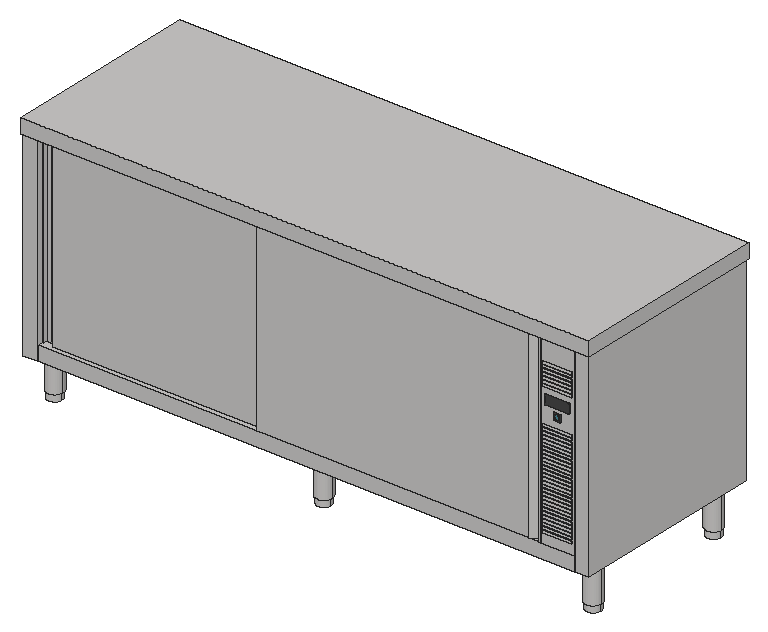
Revit family "QF_ELECTROLUXPROFESSIONAL_132800_MTCD2000PN", category Attrezzature speciali, Revit 2020
Family settings
  Quota connettore circolare = Usa diametro
  Tipo di parte = Normale
  Basato su piano di lavoro = No
  Sempre verticale = Sì
  Taglio con vuoti quando caricato = No
  Condiviso = No
  Punto di calcolo locali = No
Parameters (values of type "Standard")
  Weight = 75.00 kg
  Watts = 2400 W
  Volts = 220 V
  URL Manufacturer = "https://www.electroluxprofessional.com/"
  URL = "https://www.electroluxprofessional.com/"
  Steam Supply Size = 0 mm
  Steam Supply Minimum Pressure = 0.0 Pa
  Steam Supply Maximum Pressure = 0.0 Pa
  Steam Consumption per Hour = 0
  Refrigeration Suction Line Size = 0.0 mm
  Refrigeration Liquid Line Size = 0.0 mm
  Refrigerant Compressor Remote = yes
  Prospetto di default = 0.0 mm
  Produttore = "Electrolux Professional"
  Phase = 1
  Modello = "MTCD2000PN"
  Length Actual = 2000.0 mm  # constant formula
  Item Number = "132800"
  Hot Water Size = 0 mm
  Height Actual = 900.0 mm  # constant formula
  HP = "3.2 HP"
  Gas Size = 0 mm
  Gas KW = 0
  Gas Input Pressure = 0 W
  Direct Waste Size = 0 mm
  Descrizione = "HOT PASST.CUPB.VENT+SHELF+SLIDING D.2000"
  Depth Actual = 700.0 mm  # constant formula
  Cycle = 50 Hz
  Condensate Return Size = 0 mm
  Compressed Air Volume = 0.0 L/s
  Compressed Air Size = 0 mm
  Compressed Air Pressure = 0.0 Pa
  Cold Water Size = 0 mm
  Accessory = yes
Reference planes
  plane 1 "Center (Front/Back)": y = 0
  plane 2: z = 0
  plane 3 "Center (Left/Right)": x = -500
  plane 4 "LEFT": x = -1500
  plane 5 "RIGHT": x = 500
  plane 6 "BACK": y = 350
  plane 7 "FRONT": y = -350
  plane 8 "Base": z = 850
  plane 9 "TOP": z = 900
  plane 10: x = -1446.5
  plane 11: x = 446.5
  plane 12: y = 264.5
  plane 13: y = -264.5
  plane 14 "BodyLeft": x = -1494.5
  plane 15 "BodyFront": y = -344.5
  plane 16 "BodyRight": x = 494.5
  plane 17 "BodyBack": y = 344.5
  plane 18 "FEET": z = 150
  plane 19: x = 324.5
  plane 20: x = -561
  plane 21: x = 444.5
  plane 22: x = 400
  plane 23: y = -170
Forms (mm)
  Extrusion 1, solid, material "QF_Finishes_Stainless Steel"
    sketch origin (-500, 0, 0) x (0, 1, 0) y (0, 0, 1)
      loop
        line (-350, 850) -> (350, 850) -> (350, 900) -> (-350, 900) -> (-350, 850)
    from 1000 to -1000
  Extrusion 2, solid, material "QF_Finishes_Stainless Steel"
    sketch origin (0, 0, 150) x (-1, 0, 0) y (0, -1, 0)
      loop
        line (1494.5, -344.5) -> (1494.5, 344.5) -> (1444.5, 344.5) -> (1444.5, -344.5) -> (1494.5, -344.5)
      loop
        line (-444.5, -344.5) -> (-444.5, 344.5) -> (-494.5, 344.5) -> (-494.5, -344.5) -> (-444.5, -344.5)
    from 0 to 700
  Extrusion 3, solid, material "QF_Finishes_Stainless Steel"
    sketch origin (0, 0, 150) x (-1, 0, 0) y (0, -1, 0)
      loop
        line (1444.5, -344.5) -> (1444.5, 344.5) -> (-444.5, 344.5) -> (-444.5, -344.5) -> (1444.5, -344.5)
    from 0 to 50
  Extrusion 4, solid, material "QF_Finishes_Stainless Steel"
    sketch origin (-1, 0, 150) x (-1, 0, 0) y (0, -1, 0)
      loop
        line (-325.5, 344.5) -> (-325.5, 324.5) -> (670.5, 324.5) -> (670.5, 344.5) -> (-285.5, 344.5) -> (-305.5, 329.5) -> (-320.5, 329.5) -> (-320.5, 344.5) -> (-325.5, 344.5)
    from 50 to 700
  Extrusion 5, solid, material "QF_Finishes_Stainless Steel"
    sketch origin (1, 20, 150) x (1, 0, 0) y (0, 1, 0)
      loop
        line (-1445.5, -344.5) -> (-1440.5, -344.5) -> (-1440.5, -329.5) -> (-1425.5, -329.5) -> (-1405.5, -344.5) -> (-451.5, -344.5) -> (-451.5, -324.5) -> (-1445.5, -324.5) -> (-1445.5, -344.5)
    from 50 to 700
  Extrusion 6, solid, material "QF_Finishes_Stainless Steel"
    sketch origin (0, 0, 0) x (1, 0, 0) y (0, 1, 0)
      loop
        line (-1444.5, -304.5) -> (324.5, -304.5) -> (324.5, 304.5) -> (-1444.5, 304.5) -> (-1444.5, -304.5)
    from 500 to 540
  Extrusion 7, solid, material "QF_Finishes_Stainless Steel"
    sketch origin (-1, 0, 150) x (-1, 0, 0) y (0, -1, 0)
      loop
        line (-325.5, -344.5) -> (-320.5, -344.5) -> (-320.5, -329.5) -> (-305.5, -329.5) -> (-285.5, -344.5) -> (670.5, -344.5) -> (670.5, -324.5) -> (-325.5, -324.5) -> (-325.5, -344.5)
    from 50 to 700
  Extrusion 8, solid, material "QF_Finishes_Stainless Steel"
    sketch origin (1, -20, 150) x (1, 0, 0) y (0, 1, 0)
      loop
        line (-1445.5, 344.5) -> (-1445.5, 324.5) -> (-451.5, 324.5) -> (-451.5, 344.5) -> (-1405.5, 344.5) -> (-1425.5, 329.5) -> (-1440.5, 329.5) -> (-1440.5, 344.5) -> (-1445.5, 344.5)
    from 50 to 700
  Extrusion 9, solid, material "QF_Finishes_Stainless Steel"
    sketch origin (0, 0, 0) x (1, 0, 0) y (0, 1, 0)
      loop
        line (444.5, 344.5) -> (324.5, 344.5) -> (324.5, 324.5) -> (444.5, 324.5) -> (444.5, 344.5)
    from 200 to 850
  Extrusion 10, solid, material "QF_Finishes_Stainless Steel"
    sketch origin (0, 0, 150) x (-1, 0, 0) y (0, -1, 0)
      loop
        circle (-400, 170) r 10
    from 0 to -5
Cuts and joins
  joined: Extrusion 3, Extrusion 9
Lines and regions (mm)
  symbolic lines
    curve 1: line (500, 350, 900) -> (-1500, 350, 900)
    curve 2: line (-1500, 350, 900) -> (-1500, -350, 900)
    curve 3: line (-1500, -350, 900) -> (500, -350, 900)
    curve 4: line (500, -350, 900) -> (500, 350, 900)
    curve 5: line (-1500, 337, 900) -> (500, 337, 900)
  symbolic lines, style "SpecialityEquipmentHiddenLines"
    curve 6: line (-1494.5, 344.5, 150) -> (494.5, 344.5, 150)
    curve 7: line (-1494.5, -344.5, 150) -> (-1494.5, 344.5, 150)
    curve 8: line (494.5, -344.5, 150) -> (-1494.5, -344.5, 150)
    curve 9: line (494.5, 344.5, 150) -> (494.5, -344.5, 150)
    curve 10: line (-1445.5, -304.5, 150) -> (-449.5, -304.5, 150)
    curve 11: line (-449.5, -304.5, 150) -> (-449.5, -324.5, 150)
    curve 12: line (-1445.5, -324.5, 150) -> (444.5, -324.5, 150)
    curve 13: line (444.5, -324.5, 150) -> (444.5, -344.5, 150)
    curve 14: line (-1445.5, -304.5, 150) -> (-1445.5, -324.5, 150)
    curve 15: line (-671.5, -344.5, 0) -> (-671.5, -324.5, 0)
    curve 16: line (-1445.5, 304.5, 150) -> (-449.5, 304.5, 150)
    curve 17: line (-1445.5, 324.5, 150) -> (444.5, 324.5, 150)
    curve 18: line (-671.5, 344.5, 0) -> (-671.5, 324.5, 0)
    curve 19: line (-450.5, 304.5, 0) -> (-450.5, 324.5, 0)
Dimensions and locks
  plane 4 "LEFT" to plane 5 "RIGHT" = 2000.0 mm
  equal spacing: plane 4 "LEFT", plane 3 "Center (Left/Right)", plane 5 "RIGHT"
  locked: plane 8 "Base" to level at 850
  locked: plane 9 "TOP" to level at 900
  plane 6 "BACK" to plane 7 "FRONT" = 700.0 mm
  equal spacing: plane 6 "BACK", plane 1 "Center (Front/Back)", plane 7 "FRONT"
  locked: plane 4 "LEFT" to plane 14 "BodyLeft" at 5.5
  locked: plane 16 "BodyRight" to plane 5 "RIGHT" at 5.5
  locked: plane 15 "BodyFront" to plane 7 "FRONT" at 5.5
  locked: plane 6 "BACK" to plane 17 "BodyBack" at 5.5
  locked: plane 14 "BodyLeft" to plane 10 at 48
  locked: plane 11 to plane 16 "BodyRight" at 48
  locked: plane 13 to plane 15 "BodyFront" at 80
  locked: plane 17 "BodyBack" to plane 12 at 80
  plane 10 to plane 11 = 1893.0 mm
  plane 12 to plane 13 = 529.0 mm
  locked: plane 14 "BodyLeft" to Extrusion 2 sketch curve at 50
  locked: Extrusion 2 sketch curve to Extrusion 2 sketch curve at 50
  equal spacing: plane 10, plane 20, plane 19
  locked: plane 21 to plane 16 "BodyRight" at 50
  locked: plane 19 to plane 21 at 120
  locked: Extrusion 4 sketch curve to plane 20 at 110.5
  locked: plane 20 to Extrusion 5 sketch curve at 110.5
  locked: plane 18 "FEET" to level at 150
  locked: plane 22 to plane 5 "RIGHT" at 100
  locked: plane 23 to plane 7 "FRONT" at 180
  aligned and locked: level to plane 2
  aligned and locked: plane 10 to nested 1
  aligned and locked: nested 1 to plane 13
  aligned and locked: plane 11 to nested 2
  aligned and locked: nested 2 to plane 13
  aligned and locked: plane 11 to nested 4
  aligned and locked: nested 4 to plane 12
  aligned and locked: plane 10 to nested 3
  aligned and locked: nested 3 to plane 12
  aligned and locked: Extrusion 1 to plane 4 "LEFT"
  aligned and locked: plane 5 "RIGHT" to Extrusion 1
  aligned and locked: curve 2 to plane 4 "LEFT"
  aligned and locked: plane 17 "BodyBack" to Extrusion 2 sketch curve
  aligned and locked: Extrusion 2 sketch curve to plane 15 "BodyFront"
  aligned and locked: Extrusion 2 sketch curve to plane 14 "BodyLeft"
  aligned and locked: plane 16 "BodyRight" to Extrusion 2 sketch curve
  aligned and locked: Extrusion 2 sketch curve to plane 17 "BodyBack"
  aligned and locked: plane 15 "BodyFront" to Extrusion 2 sketch curve
  aligned and locked: Extrusion 3 sketch curve to plane 17 "BodyBack"
  aligned and locked: plane 15 "BodyFront" to Extrusion 3 sketch curve
  aligned and locked: plane 8 "Base" to Extrusion 2
  aligned and locked: plane 8 "Base" to Extrusion 4
  aligned and locked: Extrusion 4 to Extrusion 3
  aligned and locked: Extrusion 1 to plane 8 "Base"
  aligned and locked: plane 9 "TOP" to Extrusion 1
  aligned and locked: curve 6 to plane 17 "BodyBack"
  aligned and locked: plane 14 "BodyLeft" to curve 7
  aligned and locked: plane 15 "BodyFront" to curve 8
  aligned and locked: plane 16 "BodyRight" to curve 9
  aligned and locked: Extrusion 3 to Extrusion 2  (x2)
  aligned and locked: Extrusion 6 sketch curve to Extrusion 2
  aligned and locked: Extrusion 6 sketch curve to Extrusion 5
  aligned and locked: curve 19 to Extrusion 8
  aligned and locked: curve 18 to Extrusion 7
  aligned and locked: nested 5 to plane 21
  aligned and locked: Extrusion 6 sketch curve to plane 19
  aligned and locked: plane 3 "Center (Left/Right)" to nested 6
  aligned and locked: plane 3 "Center (Left/Right)" to nested 7
Automatic sketch dimensions
  Extrusion 7 sketch curve to plane 19 = 0.0 mm
  Extrusion 7 sketch curve to plane 17 "BodyBack" = 0.0 mm  (x2)
  Extrusion 7 sketch curve to Extrusion 7 sketch curve = 5.0 mm
  Extrusion 7 sketch curve to Extrusion 7 sketch curve = 15.0 mm
  Extrusion 7 sketch curve to Extrusion 7 sketch curve = 20.0 mm
  plane 17 "BodyBack" to Extrusion 7 sketch curve = 20.0 mm
  plane 20 to Extrusion 7 sketch curve = 110.5 mm
  plane 17 "BodyBack" to Extrusion 7 sketch curve = 15.0 mm
  curve 15 to plane 15 "BodyFront" = 0.0 mm
  plane 15 "BodyFront" to curve 15 = 20.0 mm
  curve 15 to plane 20 = 110.5 mm
  curve 3 to plane 7 "FRONT" = 0.0 mm
  curve 5 to plane 5 "RIGHT" = 0.0 mm
  curve 4 to plane 6 "BACK" = 0.0 mm
  curve 5 to plane 17 "BodyBack" = 7.5 mm
  Extrusion 1 sketch curve to plane 7 "FRONT" = 0.0 mm
  Extrusion 1 sketch curve to plane 6 "BACK" = 0.0 mm
  Extrusion 1 sketch curve to plane 8 "Base" = 0.0 mm
  Extrusion 1 sketch curve to plane 9 "TOP" = 0.0 mm
  Extrusion 3 sketch curve to plane 21 = 0.0 mm
  plane 10 to Extrusion 3 sketch curve = 2.0 mm
  Extrusion 4 sketch curve to plane 19 = 0.0 mm
  Extrusion 4 sketch curve to plane 15 "BodyFront" = 0.0 mm  (x2)
  Extrusion 4 sketch curve to Extrusion 4 sketch curve = 5.0 mm
  Extrusion 4 sketch curve to Extrusion 4 sketch curve = 15.0 mm  (x2)
  Extrusion 4 sketch curve to Extrusion 4 sketch curve = 20.0 mm  (x2)
  Extrusion 5 sketch curve to plane 15 "BodyFront" = 20.0 mm  (x2)
  Extrusion 5 sketch curve to plane 10 = 42.0 mm
  Extrusion 5 sketch curve to plane 10 = 22.0 mm
  Extrusion 5 sketch curve to plane 10 = 7.0 mm
  Extrusion 5 sketch curve to plane 10 = 2.0 mm
  Extrusion 5 sketch curve to Extrusion 5 sketch curve = 15.0 mm
  Extrusion 5 sketch curve to Extrusion 5 sketch curve = 20.0 mm
  curve 13 to plane 21 = 0.0 mm
  curve 17 to plane 21 = 0.0 mm
  curve 8 to plane 15 "BodyFront" = 0.0 mm
  plane 3 "Center (Left/Right)" to curve 10 = 50.5 mm
  plane 10 to curve 12 = 1.0 mm
  plane 15 "BodyFront" to curve 10 = 40.0 mm
  curve 12 to curve 13 = 20.0 mm
  plane 3 "Center (Left/Right)" to curve 16 = 50.5 mm
  plane 10 to curve 17 = 1.0 mm
  plane 10 to curve 16 = 1.0 mm
  curve 17 to plane 17 "BodyBack" = 20.0 mm
  plane 12 to curve 16 = 40.0 mm
  plane 12 to Extrusion 6 sketch curve = 40.0 mm
  plane 10 to Extrusion 8 sketch curve = 2.0 mm
  Extrusion 8 sketch curve to Extrusion 8 sketch curve = 5.0 mm
  Extrusion 8 sketch curve to Extrusion 8 sketch curve = 15.0 mm  (x2)
  Extrusion 8 sketch curve to plane 17 "BodyBack" = 20.0 mm  (x2)
  Extrusion 8 sketch curve to Extrusion 8 sketch curve = 20.0 mm  (x2)
  plane 3 "Center (Left/Right)" to Extrusion 8 sketch curve = 49.5 mm
  curve 18 to plane 17 "BodyBack" = 0.0 mm
  curve 18 to plane 17 "BodyBack" = 20.0 mm
  plane 12 to curve 19 = 40.0 mm
  curve 19 to curve 19 = 20.0 mm
  Extrusion 9 sketch curve to plane 17 "BodyBack" = 0.0 mm
  Extrusion 9 sketch curve to plane 19 = 0.0 mm
  Extrusion 9 sketch curve to plane 21 = 0.0 mm
  Extrusion 9 sketch curve to plane 17 "BodyBack" = 20.0 mm
  Extrusion 10 sketch curve to plane 22 = 0.0 mm
  Extrusion 10 sketch curve to plane 23 = 0.0 mm
  radius of Extrusion 10 sketch curve = 10.0 mm
Nested families
  nested 1: "FEET_D58-150" at (-1446.5, -264.5, 0), type "FEET_D58-150"
  nested 2: "FEET_D58-150" at (446.5, -264.5, 0), type "FEET_D58-150"
  nested 3: "FEET_D58-150" at (-1446.5, 264.5, 0), type "FEET_D58-150"
  nested 4: "FEET_D58-150" at (446.5, 264.5, 0), type "FEET_D58-150"
  nested 5: "WT_PNL120x650" at (531.42, -304.5, 600) x (1, 0, 0) z (0, -1, 0), type "WT_PNL120x650"
    with Show Logo yes
  nested 6: "FEET_D58-150" at (-500, -264.5, 0), type "FEET_D58-150"
  nested 7: "FEET_D58-150" at (-500, 264.5, 0), type "FEET_D58-150"
Connectors
  electrical at (400, -170, 145)
    settings: on Extrusion 10, index 1, voltage 0 V, apparent load 0 VA, apparent load phase1 0 VA, apparent load phase2 0 VA, apparent load phase3 0 VA, power factor 1, load classification "Other", number of poles 1, system type 30, power factor state 1, is connector primary yes, connector utility no, sub classification motor no, connector description "Electrical connection"
Definition of nested family "FEET_D58-150"
  Parameters
    Default Elevation = 0.0 mm
    FEET = 150.0 mm
  Reference planes
    plane 1 "Center (Front/Back)": y = 0
    plane 2: z = 0
    plane 3 "Center (Left/Right)": x = 0
    plane 4: z = 150
  Forms (mm)
    Extrusion 1, solid
      sketch origin (0, 0, 0) x (1, 0, 0) y (0, 1, 0)
        loop
          circle (0, 0) r 25
      from 0 to 25
    Extrusion 2, solid
      sketch origin (0, 0, 0) x (1, 0, 0) y (0, 1, 0)
        loop
          circle (0.061, 0) r 29
      from 25 to 150 <- "FEET"
  Lines and regions (mm)
    symbolic lines
      curve 1: line (0, -1.503, 0) -> (0, 1.508, 0)
      curve 2: line (1.561, 0, 0) -> (-1.439, 0, 0)
  Dimensions and locks
    "FEET": plane 4 to plane 2
    aligned and locked: level to plane 2
  Automatic sketch dimensions
    plane 1 "Center (Front/Back)" to Extrusion 1 sketch curve = 0.0 mm
    Extrusion 1 sketch curve to plane 3 "Center (Left/Right)" = 0.0 mm
    plane 1 "Center (Front/Back)" to curve 2 = 0.0 mm
    curve 1 to plane 3 "Center (Left/Right)" = 0.0 mm
    curve 2 to plane 3 "Center (Left/Right)" = 1.439 mm
    plane 3 "Center (Left/Right)" to curve 2 = 1.561 mm
    plane 1 "Center (Front/Back)" to curve 1 = 1.503 mm
    curve 1 to plane 1 "Center (Front/Back)" = 1.508 mm
    plane 1 "Center (Front/Back)" to Extrusion 2 sketch curve = 0.0 mm
    plane 3 "Center (Left/Right)" to Extrusion 2 sketch curve = 0.061 mm
    radius of Extrusion 1 sketch curve = 25.0 mm
    radius of Extrusion 2 sketch curve = 29.0 mm
Definition of nested family "WT_PNL120x650"
  Parameters
    Show Logo [instance] = yes
    Default Elevation = 1219.2 mm
  Reference planes
    plane 1 "Center (Front/Back)": y = -75
    plane 2: z = 0
    plane 3 "Center (Left/Right)": x = -146.92
    plane 4: x = -206.92
    plane 5: x = -86.92
    plane 6: y = 250
    plane 7: y = -400
    plane 8 "TOP": z = 40
  Forms (mm)
    Extrusion 1, solid
      sketch origin (0, 0, 0) x (1, 0, 0) y (0, 1, 0)
        loop
          line (-1219.2, 1219.2) -> (-1219.2, -1219.2) -> (1219.2, -1219.2) -> (1219.2, 1219.2) -> (-1219.2, 1219.2)
      from 0 to -304.8
    Extrusion 2, solid
      sketch origin (0, 0, 0) x (1, 0, 0) y (0, 1, 0)
        loop
          line (-206.92, 250) -> (-206.92, -400) -> (-86.92, -400) -> (-86.92, 250) -> (-206.92, 250)
      from 0 to 40
    Extrusion 3, void
      sketch origin (0, 0, 40) x (-1, 0, 0) y (0, -1, 0)
        loop
          arc (101.92, -68.899) -> (103.795, -73.256) -> (108.247, -74.89) r 6
          line (108.247, -74.89) -> (185.92, -74.89)
          arc (185.92, -74.89) -> (190.163, -73.133) -> (191.92, -68.89) r 6
          line (191.92, -68.89) -> (191.92, -45.89)
          arc (191.92, -45.89) -> (190.163, -41.648) -> (185.92, -39.89) r 6
          line (185.92, -39.89) -> (107.92, -39.89)
          arc (107.92, -39.89) -> (103.677, -41.648) -> (101.92, -45.89) r 6
          line (101.92, -45.89) -> (101.92, -68.899)
        loop
          line (158.92, -27.89) -> (158.92, -2.89) -> (134.92, -2.89) -> (134.92, -27.89) -> (158.92, -27.89)
      from -2 to 0
    Extrusion 4, solid
      sketch origin (0, 0, 40) x (-1, 0, 0) y (0, -1, 0)
        loop
          line (185.92, -39.89) -> (107.92, -39.89)
          arc (107.92, -39.89) -> (103.677, -41.648) -> (101.92, -45.89) r 6
          line (101.92, -45.89) -> (101.92, -68.899)
          arc (101.92, -68.899) -> (103.795, -73.256) -> (108.247, -74.89) r 6
          line (108.247, -74.89) -> (185.92, -74.89)
          arc (185.92, -74.89) -> (190.163, -73.133) -> (191.92, -68.89) r 6
          line (191.92, -68.89) -> (191.92, -45.89)
          arc (191.92, -45.89) -> (190.163, -41.648) -> (185.92, -39.89) r 6
      from -2 to 1
    Extrusion 5, solid
      sketch origin (-146.92, 0, 0) x (0, 1, 0) y (0, 0, 1)
        loop
          line (95.896, 40) -> (104.899, 40) -> (95.896, 41.206) -> (95.896, 40)
        loop
          line (107.896, 40) -> (116.899, 40) -> (107.896, 41.206) -> (107.896, 40)
        loop
          line (119.896, 40) -> (128.899, 40) -> (119.896, 41.206) -> (119.896, 40)
        loop
          line (131.896, 40) -> (140.899, 40) -> (131.896, 41.206) -> (131.896, 40)
        loop
          line (143.896, 40) -> (152.899, 40) -> (143.896, 41.206) -> (143.896, 40)
        loop
          line (155.896, 40) -> (164.899, 40) -> (155.896, 41.206) -> (155.896, 40)
        loop
          line (167.896, 40) -> (176.899, 40) -> (167.896, 41.206) -> (167.896, 40)
        loop
          line (-102.104, 40) -> (-93.101, 40) -> (-102.104, 41.206) -> (-102.104, 40)
        loop
          line (-90.104, 40) -> (-81.101, 40) -> (-90.104, 41.206) -> (-90.104, 40)
        loop
          line (-78.104, 40) -> (-69.101, 40) -> (-78.104, 41.206) -> (-78.104, 40)
        loop
          line (-66.104, 40) -> (-57.101, 40) -> (-66.104, 41.206) -> (-66.104, 40)
        loop
          line (-54.104, 40) -> (-45.101, 40) -> (-54.104, 41.206) -> (-54.104, 40)
        loop
          line (-42.104, 40) -> (-33.101, 40) -> (-42.104, 41.206) -> (-42.104, 40)
        loop
          line (-30.104, 40) -> (-21.101, 40) -> (-30.104, 41.206) -> (-30.104, 40)
        loop
          line (-174.104, 40) -> (-165.101, 40) -> (-174.104, 41.206) -> (-174.104, 40)
        loop
          line (-162.104, 40) -> (-153.101, 40) -> (-162.104, 41.206) -> (-162.104, 40)
        loop
          line (-150.104, 40) -> (-141.101, 40) -> (-150.104, 41.206) -> (-150.104, 40)
        loop
          line (-138.104, 40) -> (-129.101, 40) -> (-138.104, 41.206) -> (-138.104, 40)
        loop
          line (-126.104, 40) -> (-117.101, 40) -> (-126.104, 41.206) -> (-126.104, 40)
        loop
          line (-114.104, 40) -> (-105.101, 40) -> (-114.104, 41.206) -> (-114.104, 40)
        loop
          line (-246.104, 40) -> (-237.101, 40) -> (-246.104, 41.206) -> (-246.104, 40)
        loop
          line (-234.104, 40) -> (-225.101, 40) -> (-234.104, 41.206) -> (-234.104, 40)
        loop
          line (-222.104, 40) -> (-213.101, 40) -> (-222.104, 41.206) -> (-222.104, 40)
        loop
          line (-210.104, 40) -> (-201.101, 40) -> (-210.104, 41.206) -> (-210.104, 40)
        loop
          line (-198.104, 40) -> (-189.101, 40) -> (-198.104, 41.206) -> (-198.104, 40)
        loop
          line (-186.104, 40) -> (-177.101, 40) -> (-186.104, 41.206) -> (-186.104, 40)
        loop
          line (-318.104, 40) -> (-309.101, 40) -> (-318.104, 41.206) -> (-318.104, 40)
        loop
          line (-306.104, 40) -> (-297.101, 40) -> (-306.104, 41.206) -> (-306.104, 40)
        loop
          line (-294.104, 40) -> (-285.101, 40) -> (-294.104, 41.206) -> (-294.104, 40)
        loop
          line (-282.104, 40) -> (-273.101, 40) -> (-282.104, 41.206) -> (-282.104, 40)
        loop
          line (-270.104, 40) -> (-261.101, 40) -> (-270.104, 41.206) -> (-270.104, 40)
        loop
          line (-258.104, 40) -> (-249.101, 40) -> (-258.104, 41.206) -> (-258.104, 40)
        loop
          line (-366.104, 40) -> (-357.101, 40) -> (-366.104, 41.206) -> (-366.104, 40)
        loop
          line (-354.104, 40) -> (-345.101, 40) -> (-354.104, 41.206) -> (-354.104, 40)
        loop
          line (-342.104, 40) -> (-333.101, 40) -> (-342.104, 41.206) -> (-342.104, 40)
        loop
          line (-330.104, 40) -> (-321.101, 40) -> (-330.104, 41.206) -> (-330.104, 40)
      from -50 to 50
    Extrusion 6, solid
      sketch origin (0, 0, 40) x (-1, 0, 0) y (0, -1, 0)
        loop
          line (134.92, -27.89) -> (158.92, -27.89) -> (158.92, -2.89) -> (134.92, -2.89) -> (134.92, -27.89)
        loop
          circle (146.92, -15.39) r 9
      from -2 to 3
    Extrusion 7, solid
      sketch origin (0, 0, 40) x (-1, 0, 0) y (0, -1, 0)
        loop
          circle (146.92, -15.39) r 9
      from 0 to 3
  Cuts and joins
    Extrusion 3 cuts Extrusion 2
  Dimensions and locks
    equal spacing: plane 6, plane 1 "Center (Front/Back)", plane 7
    equal spacing: plane 4, plane 3 "Center (Left/Right)", plane 5
    plane 8 "TOP" to level = 40.0 mm
    aligned and locked: plane 2 to Extrusion 1
    aligned and locked: level to Extrusion 1
  Automatic sketch dimensions
    Extrusion 1 sketch curve to Extrusion 1 sketch curve = 2438.4 mm  (x2)
    Extrusion 2 sketch curve to plane 4 = 0.0 mm
    Extrusion 2 sketch curve to plane 5 = 0.0 mm
    Extrusion 2 sketch curve to plane 7 = 0.0 mm
    Extrusion 2 sketch curve to plane 6 = 0.0 mm
    Extrusion 5 sketch curve to plane 8 "TOP" = 0.0 mm  (x36)
    Extrusion 5 sketch curve to Extrusion 5 sketch curve = 9.003 mm  (x35)
    plane 8 "TOP" to Extrusion 5 sketch curve = 1.206 mm  (x22)
    Extrusion 5 sketch curve to Extrusion 5 sketch curve = 2.997 mm  (x33)
    plane 1 "Center (Front/Back)" to Extrusion 5 sketch curve = 6.101 mm
    plane 1 "Center (Front/Back)" to Extrusion 5 sketch curve = 3.104 mm
    Extrusion 5 sketch curve to plane 1 "Center (Front/Back)" = 5.899 mm
    Extrusion 5 sketch curve to Extrusion 5 sketch curve = 116.997 mm
    Extrusion 5 sketch curve to Extrusion 5 sketch curve = 1.206 mm  (x14)
    Extrusion 4 sketch curve to plane 5 = 15.0 mm
    Extrusion 4 sketch curve to Extrusion 4 sketch curve = 6.0 mm  (x3)
    Extrusion 4 sketch curve to Extrusion 4 sketch curve = 0.327 mm
    plane 4 to Extrusion 4 sketch curve = 21.0 mm  (x2)
    Extrusion 4 sketch curve to plane 1 "Center (Front/Back)" = 149.89 mm
    Extrusion 4 sketch curve to Extrusion 4 sketch curve = 23.009 mm
    Extrusion 3 sketch curve to plane 5 = 15.0 mm
    Extrusion 3 sketch curve to Extrusion 3 sketch curve = 6.0 mm  (x3)
    Extrusion 3 sketch curve to Extrusion 3 sketch curve = 0.327 mm
    plane 3 "Center (Left/Right)" to Extrusion 3 sketch curve = 12.0 mm
    Extrusion 3 sketch curve to plane 3 "Center (Left/Right)" = 12.0 mm
    plane 4 to Extrusion 3 sketch curve = 21.0 mm  (x2)
    Extrusion 3 sketch curve to plane 1 "Center (Front/Back)" = 149.89 mm
    Extrusion 3 sketch curve to Extrusion 3 sketch curve = 23.0 mm
    Extrusion 3 sketch curve to Extrusion 3 sketch curve = 12.0 mm
    Extrusion 3 sketch curve to Extrusion 3 sketch curve = 25.0 mm
    Extrusion 6 sketch curve to plane 3 "Center (Left/Right)" = 0.0 mm
    plane 3 "Center (Left/Right)" to Extrusion 6 sketch curve = 12.0 mm
    Extrusion 6 sketch curve to plane 3 "Center (Left/Right)" = 12.0 mm
    Extrusion 6 sketch curve to plane 1 "Center (Front/Back)" = 102.89 mm
    Extrusion 6 sketch curve to Extrusion 6 sketch curve = 12.5 mm  (x2)
    Extrusion 7 sketch curve to plane 3 "Center (Left/Right)" = 0.0 mm
    Extrusion 7 sketch curve to plane 1 "Center (Front/Back)" = 90.39 mm
    radius of Extrusion 6 sketch curve = 9.0 mm
    radius of Extrusion 7 sketch curve = 9.0 mm
